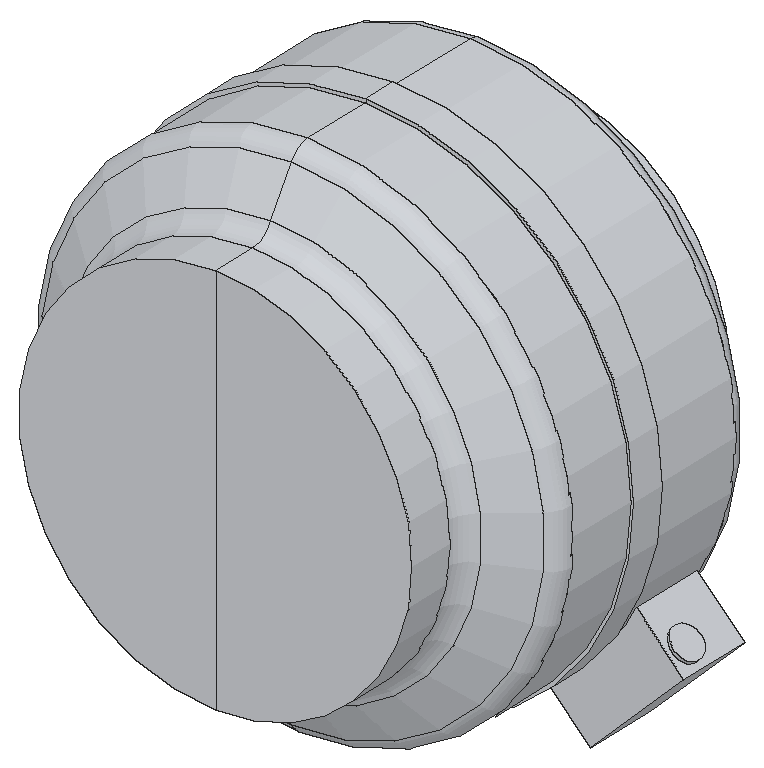
Revit family "RI-900", category Generic Models, Revit 2016
Family settings
  Part Type = Normal
  Can host rebar = No
  Round Connector Dimension = Use Diameter
  Work Plane-Based = No
  Always vertical = Yes
  Cut with Voids When Loaded = No
  Shared = No
  Room Calculation Point = No
Parameters (values of type "RI-900")
  WATTS = 156 W
  VOLTS = "120 V"
  URL = "http://www.reversomatic.com"
  RPM = "1520"
  Model = "RI-900"
  Manufacturer = "REVERSOMATIC"
  Cost = 0
  CFM AT STATIC PRESURE = "0.00-857, 0.10-830 0.20-786, 0.30-750, 0.40-700, 0.50-659, 0.60-632, 0.70-605, 0.80-581, .90-553,  1.00-525"
  CAPACITOR (mfd) = "14"
  C = 12"
  BB = 16"
  B = BB / 2  # 8"
  AMPS = 1.4 A
  AA = 11 7/8"
  A = AA / 2  # 5 15/16"
Reference planes (in)
  plane 1 "Center (Front/Back)": y = 0
  plane 2: z = 0
  plane 3 "Center (Left/Right)": x = 0
  plane 4: z = 8
  plane 5: y = -12
  plane 6: z = 5.9375
Forms (in)
  Revolve 1, solid
    sketch origin (0, 0, 0) x (0, 1, 0) y (0, 0, 1)
      loop
        line (0, 5.9375) -> (-0.57334, 5.9375)
        arc (-0.57334, 5.9375) -> (-0.83682, 6.01782) -> (-1.01069, 6.23147) r 0.47233
        line (-1.01069, 6.23147) -> (-1.90362, 7.67101)
        arc (-1.90362, 7.67101) -> (-2.08668, 7.90958) -> (-2.37346, 8) r 0.5
        line (-2.37346, 8) -> (-8.51011, 8)
        arc (-8.51011, 8) -> (-8.86787, 7.89495) -> (-9.11203, 7.61315) r 0.6617
        line (-9.11203, 7.61315) -> (-9.90527, 6.37597)
        arc (-9.90527, 6.37597) -> (-10.18202, 6.05657) -> (-10.58751, 5.9375) r 0.75
        line (-10.58751, 5.9375) -> (-12, 5.9375) -> (-12, 0) -> (0, 0) -> (0, 5.9375)
      axis (0, 0) -> (-12, 0)
    angle from 0 to 360
  Revolve 2, solid
    sketch origin (0, 0, 0) x (0, 1, 0) y (0, 0, 1)
      loop
        line (-6.33549, 8.11184) -> (-6.33549, 7.86184) -> (-5.29688, 7.86184) -> (-5.29688, 8.11184) -> (-6.33549, 8.11184)
      axis (-6.33549, 0) -> (-5.29688, 0)
    angle from 0 to 360
  Extrusion 3, solid
    sketch origin (0, 0, 0) x (1, 0, 0) y (0, 0, 1)
      loop
        line (5.26608, -3.22327) -> (3.85187, -1.80906) -> (1.851, -3.80993) -> (3.26521, -5.22414) -> (5.26608, -3.22327)
    from 2.57877 to 4.5262
  Extrusion 4, solid
    sketch origin (0, 0, 0) x (1, 0, 0) y (0, 0, 1)
      loop
        line (0.62339, -3.12723) -> (5.61816, -8.12199) -> (8.44658, -5.29357) -> (3.45182, -0.2988) -> (0.62339, -3.12723)
    from 2.58994 to 4.8679
  Extrusion 5, solid
    sketch origin (7.34091, 0, -4.18789) x (-0.707107, 0, 0.707107) y (0, -1, 0)
      loop
        circle (-0.8493, 4.21424) r 0.5
    from 0 to 0.10156
Cuts and joins
  joined: Revolve 1, Revolve 2, Extrusion 3, Extrusion 4
Lines and regions (in)
  model lines
    curve 1: line (0, -7.62819, 7.86184) -> (0, -8.28321, 7.86184)
Dimensions and locks (in)
  "B": plane 4 to plane 2
  "C": plane 5 to plane 1 "Center (Front/Back)"
  Revolve 1 sketch curve to Revolve 1 sketch curve = 8"
  "A": plane 6 to level
  "C": Revolve 1 to Revolve 1
  diameter of Revolve 1 = 11 7/8"  (x2)
  diameter of cut or joined group of Revolve 1, Revolve 2, Extrusion 3, Extrusion 4 = 16"
  aligned and locked: level to plane 2
  aligned and locked: Revolve 1 sketch curve to plane 4
  aligned and locked: Revolve 1 sketch curve to plane 5
  aligned and locked: plane 1 "Center (Front/Back)" to Revolve 1 sketch curve
  aligned and locked: Revolve 1 sketch curve to plane 6  (x2)
Automatic sketch dimensions
  curve 1 to plane 4 = 0.13816"
  curve 1 to plane 5 = 3.71679"
  curve 1 to curve 1 = 0.65503"
  plane 3 "Center (Left/Right)" to Extrusion 3 sketch curve = 1.851"
  Extrusion 3 sketch curve to Extrusion 3 sketch curve = 1.41421"
  Extrusion 3 sketch curve to level = 1.80906"
  Extrusion 3 sketch curve to Extrusion 3 sketch curve = 2.00087"  (x2)
  plane 3 "Center (Left/Right)" to Extrusion 4 sketch curve = 5.61816"
  Extrusion 4 sketch curve to Extrusion 4 sketch curve = 2.82843"  (x2)
  Extrusion 4 sketch curve to level = 0.2988"
  plane 3 "Center (Left/Right)" to Extrusion 4 sketch curve = 0.62339"
  Extrusion 4 to Extrusion 5 sketch curve = 0.71436"
  Extrusion 4 to Extrusion 5 sketch curve = 0.65366"
  Revolve 2 sketch curve to level = 0"
  Revolve 2 sketch curve to plane 4 = 0.13816"
  Revolve 2 sketch curve to plane 5 = 5.66451"
  Revolve 2 sketch curve to Revolve 2 sketch curve = 1.03861"
  plane 4 to Revolve 2 sketch curve = 0.11184"
  plane 5 to Revolve 2 sketch curve = 0.78321"
  Revolve 2 sketch curve to plane 1 "Center (Front/Back)" = 0.96679"
  Revolve 1 sketch curve to plane 5 = 0"
  Revolve 1 sketch curve to plane 1 "Center (Front/Back)" = 0"
  Revolve 1 sketch curve to level = 0"
  Revolve 1 sketch curve to plane 5 = 1.41249"
  plane 6 to Revolve 1 sketch curve = 0.43847"
  Revolve 1 sketch curve to Revolve 1 sketch curve = 0.68224"
  Revolve 1 sketch curve to plane 4 = 0.38685"
  Revolve 1 sketch curve to Revolve 1 sketch curve = 0.79324"
  Revolve 1 sketch curve to plane 4 = 0.6617"
  plane 1 "Center (Front/Back)" to Revolve 1 sketch curve = 2.37346"
  Revolve 1 sketch curve to plane 4 = 0.32899"
  Revolve 1 sketch curve to Revolve 1 sketch curve = 0.46985"
  plane 6 to Revolve 1 sketch curve = 0.29397"
  plane 1 "Center (Front/Back)" to Revolve 1 sketch curve = 1.01069"
  Revolve 1 sketch curve to Revolve 1 sketch curve = 0.43736"
  radius of Extrusion 5 sketch curve = 1/2"
